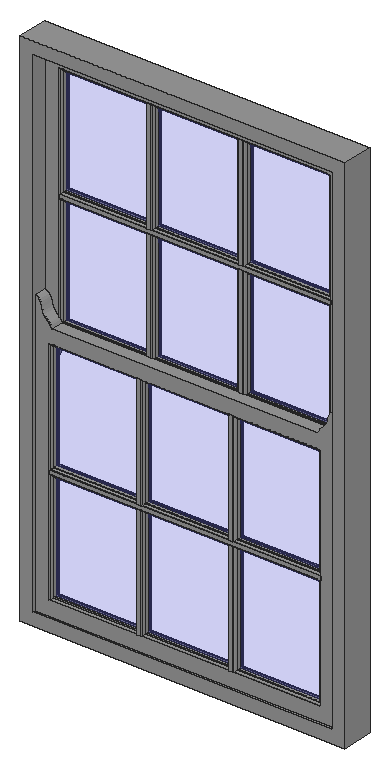
Revit family "HMS4SP", category Windows, host Wall, Revit 2015
Parameters (values of type "HMS4SP")
  Height = 1775 mm
  Default Lintel Height = 2100 mm
  Wall Closure = By host
  Width = 1100 mm
Reference planes
  plane 1 "Center (Front/Back)": y = 0
  plane 2 "Center (Left/Right)": x = 0
  plane 3 "Left": x = -550
  plane 4 "Right": x = 550
  plane 5 "Sill": z = 325
  plane 6 "Head": z = 2100
  plane 7 "Exterior": y = 100
  plane 8 "Interior": y = -100
  plane 9: y = -28.5
  plane 10: y = 23.5
  plane 11: z = 1212.5
  plane 12: z = 1241
  plane 13: z = 1184
Forms (mm)
  Sweep 1, solid, material "Lauan, Meranti"
    path origin (-10500, 23.5, 2100) x (0, 0, -1) y (-1, 0, 0)
      loop
        line (0, -11050) -> (1775, -11050) -> (1775, -9950) -> (0, -9950) -> (0, -11050)
    profile origin (0, 23.5, 2100) x (0, 0, 1) y (0, 1, 0)
      loop
        line (0, 29) -> (-42, 29) -> (-42, -76) -> (0, -76) -> (0, 29)
  Extrusion 2, solid, material "Lauan, Meranti"
    sketch origin (-10500, 0, 1675) x (0, 0, -1) y (-1, 0, 0)
      loop
        line (491, -10951) -> (491, -11008) -> (576, -11008)
        spline (576, -11008) -> (568.022, -10995.331) -> (558.494, -10988.581) -> (548.752, -10985.386) -> (540.116, -10983.399) -> (533.202, -10981.197) -> (527.644, -10978.636) -> (523.005, -10975.669) -> (518.783, -10972.149) -> (514.297, -10967.644) -> (508.83, -10961.691) -> (501.472, -10955.147) -> (491, -10951)
      loop
        spline (491, -10049) -> (501.472, -10044.853) -> (508.83, -10038.309) -> (514.297, -10032.356) -> (518.783, -10027.851) -> (523.005, -10024.331) -> (527.644, -10021.364) -> (533.202, -10018.803) -> (540.116, -10016.601) -> (548.752, -10014.614) -> (558.494, -10011.419) -> (568.022, -10004.669) -> (576, -9992)
        line (576, -9992) -> (491, -9992) -> (491, -10049)
    from 0 to 42
  Extrusion 3, solid, material "Lauan, Meranti"
    sketch origin (-10500, -42, 750) x (0, 0, 1) y (1, 0, 0)
      loop
        spline (491, 10951) -> (501.472, 10955.147) -> (508.83, 10961.691) -> (514.297, 10967.644) -> (518.783, 10972.149) -> (523.005, 10975.669) -> (527.644, 10978.636) -> (533.202, 10981.197) -> (540.116, 10983.399) -> (548.752, 10985.386) -> (558.494, 10988.581) -> (568.022, 10995.331) -> (576, 11008)
        line (576, 11008) -> (491, 11008) -> (491, 10951)
      loop
        line (491, 10049) -> (491, 9992) -> (576, 9992)
        spline (576, 9992) -> (568.022, 10004.669) -> (558.494, 10011.419) -> (548.752, 10014.614) -> (540.116, 10016.601) -> (533.202, 10018.803) -> (527.644, 10021.364) -> (523.005, 10024.331) -> (518.783, 10027.851) -> (514.297, 10032.356) -> (508.83, 10038.309) -> (501.472, 10044.853) -> (491, 10049)
    from 0 to 42
  Sweep 4, solid, material "Lauan, Meranti"
    path origin (-10670.807, 23.5, 1358.046) x (0, 0, -1) y (-1, 0, 0)
      loop
        line (117.046, -11178.807) -> (991.046, -11178.807) -> (991.046, -10162.807) -> (117.046, -10162.807) -> (117.046, -11178.807)
    profile origin (0, 23.5, 1241) x (0, 0, 1) y (0, 1, 0)
      loop
        line (0, -65.5) -> (0, -23.5) -> (-48, -23.5) -> (-48, -48.5) -> (-57, -48.5) -> (-57, -56.499) -> (-53.996, -56.499)
        arc (-53.996, -56.499) -> (-52.238, -60.744) -> (-47.994, -62.502) r 6.002
        line (-47.994, -62.502) -> (-47.994, -65.5) -> (0, -65.5)
  Sweep 5, solid, material "Lauan, Meranti"
    path origin (-10671.629, 23.5, 1894.103) x (0, 0, -1) y (-1, 0, 0)
      loop
        line (-163.897, -11179.629) -> (710.103, -11179.629) -> (710.103, -10163.629) -> (-163.897, -10163.629) -> (-163.897, -11179.629)
    profile origin (0, 23.5, 2058) x (0, 0, 1) y (0, 1, 0)
      loop
        line (-48, 18.5) -> (-48, -6.5) -> (-57, -6.5) -> (-57, -14.499) -> (-53.996, -14.499)
        arc (-53.996, -14.499) -> (-52.238, -18.744) -> (-47.994, -20.502) r 6.002
        line (-47.994, -20.502) -> (-47.994, -23.5) -> (0, -23.5) -> (0, 18.5) -> (-48, 18.5)
  Extrusion 6, solid, material "Lauan, Meranti"
    sketch origin (150, 18.5, 59.213) x (1, 0, 0) y (0, 1, 0)
      loop
        line (-1, 23.5) -> (-1, -1.5) -> (-10, -1.5) -> (-10, -9.5) -> (-7, -9.5)
        arc (-7, -9.5) -> (-5.243, -13.743) -> (-1, -15.5) r 6
        line (-1, -15.5) -> (-1, -18.5) -> (12, -18.5) -> (12, -15.5)
        arc (12, -15.5) -> (16.243, -13.743) -> (18, -9.5) r 6
        line (18, -9.5) -> (21, -9.5) -> (21, -1.5) -> (12, -1.5) -> (12, 23.5) -> (-1, 23.5)
      loop
        line (-312, 23.5) -> (-312, -1.5) -> (-321, -1.5) -> (-321, -9.5) -> (-318, -9.5)
        arc (-318, -9.5) -> (-316.243, -13.743) -> (-312, -15.5) r 6
        line (-312, -15.5) -> (-312, -18.5) -> (-299, -18.5) -> (-299, -15.5)
        arc (-299, -15.5) -> (-294.757, -13.743) -> (-293, -9.5) r 6
        line (-293, -9.5) -> (-290, -9.5) -> (-290, -1.5) -> (-299, -1.5) -> (-299, 23.5) -> (-312, 23.5)
    from 1568.287 to 1950.787
  Extrusion 7, solid, material "Glass"
    sketch origin (-10350, 17, 1962.5) x (0, 0, -1) y (-1, 0, 0)
      loop
        line (-47.5, -10810) -> (335, -10810) -> (335, -10512) -> (-47.5, -10512) -> (-47.5, -10810)
      loop
        line (-47.5, -10499) -> (335, -10499) -> (335, -10201) -> (-47.5, -10201) -> (-47.5, -10499)
      loop
        line (-47.5, -10188) -> (335, -10188) -> (335, -9890) -> (-47.5, -9890) -> (-47.5, -10188)
      loop
        line (348, -10810) -> (730.5, -10810) -> (730.5, -10512) -> (348, -10512) -> (348, -10810)
      loop
        line (348, -10499) -> (730.5, -10499) -> (730.5, -10201) -> (348, -10201) -> (348, -10499)
      loop
        line (348, -10188) -> (730.5, -10188) -> (730.5, -9890) -> (348, -9890) -> (348, -10188)
    from 0 to 6.4
  Sweep 8, solid, material "Lauan, Meranti"
    path origin (176.75, 100, -280.151) x (1, 0, 0) y (0, 0, 1)
      loop
        line (283.25, 2290.151) -> (-14.75, 2290.151) -> (-14.75, 1907.651) -> (283.25, 1907.651) -> (283.25, 2290.151)
    profile origin (311, 100, 2010) x (0, 0, -1) y (0, -1, 0)
      loop
        arc (0, 68.6) -> (4.67, 70.234) -> (7, 74.6) r 6.807
        line (7, 74.6) -> (9, 74.6) -> (9, 76.6) -> (0, 76.6) -> (0, 68.6)
  Extrusion 9, solid, material "Lauan, Meranti"
    sketch origin (1645.5, 18.5, 1621) x (0, 0, 1) y (0, 1, 0)
      loop
        line (-6.5, 23.5) -> (-6.5, -1.5) -> (-15.5, -1.5) -> (-15.5, -9.5) -> (-12.5, -9.5)
        arc (-12.5, -9.5) -> (-10.743, -13.743) -> (-6.5, -15.5) r 6
        line (-6.5, -15.5) -> (-6.5, -18.5) -> (6.5, -18.5) -> (6.5, -15.5)
        arc (6.5, -15.5) -> (10.743, -13.743) -> (12.5, -9.5) r 6
        line (12.5, -9.5) -> (15.5, -9.5) -> (15.5, -1.5) -> (6.5, -1.5) -> (6.5, 23.5) -> (-6.5, 23.5)
    from 1185.5 to 2105.5
  Extrusion 10, solid, material "Lauan, Meranti"
    sketch origin (150, 18.5, -285.787) x (1, 0, 0) y (0, 1, 0)
      loop
        line (-1, 23.5) -> (-1, -1.5) -> (-10, -1.5) -> (-10, -9.5) -> (-7, -9.5)
        arc (-7, -9.5) -> (-5.243, -13.743) -> (-1, -15.5) r 6
        line (-1, -15.5) -> (-1, -18.5) -> (12, -18.5) -> (12, -15.5)
        arc (12, -15.5) -> (16.243, -13.743) -> (18, -9.5) r 6
        line (18, -9.5) -> (21, -9.5) -> (21, -1.5) -> (12, -1.5) -> (12, 23.5) -> (-1, 23.5)
      loop
        line (-312, 23.5) -> (-312, -1.5) -> (-321, -1.5) -> (-321, -9.5) -> (-318, -9.5)
        arc (-318, -9.5) -> (-316.243, -13.743) -> (-312, -15.5) r 6
        line (-312, -15.5) -> (-312, -18.5) -> (-299, -18.5) -> (-299, -15.5)
        arc (-299, -15.5) -> (-294.757, -13.743) -> (-293, -9.5) r 6
        line (-293, -9.5) -> (-290, -9.5) -> (-290, -1.5) -> (-299, -1.5) -> (-299, 23.5) -> (-312, 23.5)
    from 1517.787 to 1900.287
  Sweep 11, solid, material "Lauan, Meranti"
    path origin (-134.25, 100, -280.151) x (1, 0, 0) y (0, 0, 1)
      loop
        line (283.25, 2290.151) -> (-14.75, 2290.151) -> (-14.75, 1907.651) -> (283.25, 1907.651) -> (283.25, 2290.151)
    profile origin (0, 100, 2010) x (0, 0, -1) y (0, -1, 0)
      loop
        arc (0, 68.6) -> (4.67, 70.234) -> (7, 74.6) r 6.807
        line (7, 74.6) -> (9, 74.6) -> (9, 76.6) -> (0, 76.6) -> (0, 68.6)
  Sweep 12, solid, material "Lauan, Meranti"
    path origin (-445.25, 100, -280.151) x (1, 0, 0) y (0, 0, 1)
      loop
        line (283.25, 2290.151) -> (-14.75, 2290.151) -> (-14.75, 1907.651) -> (283.25, 1907.651) -> (283.25, 2290.151)
    profile origin (-311, 100, 2010) x (0, 0, -1) y (0, -1, 0)
      loop
        arc (0, 68.6) -> (4.67, 70.234) -> (7, 74.6) r 6.807
        line (7, 74.6) -> (9, 74.6) -> (9, 76.6) -> (0, 76.6) -> (0, 68.6)
  Sweep 13, solid, material "Lauan, Meranti"
    path origin (176.75, 100, -625.651) x (1, 0, 0) y (0, 0, 1)
      loop
        line (283.25, 2240.151) -> (-14.75, 2240.151) -> (-14.75, 1857.651) -> (283.25, 1857.651) -> (283.25, 2240.151)
    profile origin (311, 100, 1614.5) x (0, 0, -1) y (0, -1, 0)
      loop
        arc (0, 68.6) -> (4.67, 70.234) -> (7, 74.6) r 6.807
        line (7, 74.6) -> (9, 74.6) -> (9, 76.6) -> (0, 76.6) -> (0, 68.6)
  Sweep 14, solid, material "Lauan, Meranti"
    path origin (-134.25, 100, -625.651) x (1, 0, 0) y (0, 0, 1)
      loop
        line (283.25, 2240.151) -> (-14.75, 2240.151) -> (-14.75, 1857.651) -> (283.25, 1857.651) -> (283.25, 2240.151)
    profile origin (0, 100, 1614.5) x (0, 0, -1) y (0, -1, 0)
      loop
        arc (0, 68.6) -> (4.67, 70.234) -> (7, 74.6) r 6.807
        line (7, 74.6) -> (9, 74.6) -> (9, 76.6) -> (0, 76.6) -> (0, 68.6)
  Sweep 15, solid, material "Lauan, Meranti"
    path origin (-445.25, 100, -625.651) x (1, 0, 0) y (0, 0, 1)
      loop
        line (283.25, 2240.151) -> (-14.75, 2240.151) -> (-14.75, 1857.651) -> (283.25, 1857.651) -> (283.25, 2240.151)
    profile origin (-311, 100, 1614.5) x (0, 0, -1) y (0, -1, 0)
      loop
        arc (0, 68.6) -> (4.67, 70.234) -> (7, 74.6) r 6.807
        line (7, 74.6) -> (9, 74.6) -> (9, 76.6) -> (0, 76.6) -> (0, 68.6)
  Extrusion 16, solid, material "Lauan, Meranti"
    sketch origin (150, -23.5, -757.787) x (1, 0, 0) y (0, 1, 0)
      loop
        line (-1, 23.5) -> (-1, -1.5) -> (-10, -1.5) -> (-10, -9.5) -> (-7, -9.5)
        arc (-7, -9.5) -> (-5.243, -13.743) -> (-1, -15.5) r 6
        line (-1, -15.5) -> (-1, -18.5) -> (12, -18.5) -> (12, -15.5)
        arc (12, -15.5) -> (16.243, -13.743) -> (18, -9.5) r 6
        line (18, -9.5) -> (21, -9.5) -> (21, -1.5) -> (12, -1.5) -> (12, 23.5) -> (-1, 23.5)
      loop
        line (-312, 23.5) -> (-312, -1.5) -> (-321, -1.5) -> (-321, -9.5) -> (-318, -9.5)
        arc (-318, -9.5) -> (-316.243, -13.743) -> (-312, -15.5) r 6
        line (-312, -15.5) -> (-312, -18.5) -> (-299, -18.5) -> (-299, -15.5)
        arc (-299, -15.5) -> (-294.757, -13.743) -> (-293, -9.5) r 6
        line (-293, -9.5) -> (-290, -9.5) -> (-290, -1.5) -> (-299, -1.5) -> (-299, 23.5) -> (-312, 23.5)
    from 1568.287 to 1950.787
  Extrusion 17, solid, material "Glass"
    sketch origin (-10350, -25, 1145.5) x (0, 0, -1) y (-1, 0, 0)
      loop
        line (-47.5, -10810) -> (335, -10810) -> (335, -10512) -> (-47.5, -10512) -> (-47.5, -10810)
      loop
        line (-47.5, -10499) -> (335, -10499) -> (335, -10201) -> (-47.5, -10201) -> (-47.5, -10499)
      loop
        line (-47.5, -10188) -> (335, -10188) -> (335, -9890) -> (-47.5, -9890) -> (-47.5, -10188)
      loop
        line (348, -10810) -> (730.5, -10810) -> (730.5, -10512) -> (348, -10512) -> (348, -10810)
      loop
        line (348, -10499) -> (730.5, -10499) -> (730.5, -10201) -> (348, -10201) -> (348, -10499)
      loop
        line (348, -10188) -> (730.5, -10188) -> (730.5, -9890) -> (348, -9890) -> (348, -10188)
    from 0 to 6.4
  Sweep 18, solid, material "Lauan, Meranti"
    path origin (176.75, 58, -1097.151) x (1, 0, 0) y (0, 0, 1)
      loop
        line (283.25, 2290.151) -> (-14.75, 2290.151) -> (-14.75, 1907.651) -> (283.25, 1907.651) -> (283.25, 2290.151)
    profile origin (311, 58, 1193) x (0, 0, -1) y (0, -1, 0)
      loop
        arc (0, 68.6) -> (4.67, 70.234) -> (7, 74.6) r 6.807
        line (7, 74.6) -> (9, 74.6) -> (9, 76.6) -> (0, 76.6) -> (0, 68.6)
  Extrusion 19, solid, material "Lauan, Meranti"
    sketch origin (1645.5, -23.5, 804) x (0, 0, 1) y (0, 1, 0)
      loop
        line (-6.5, 23.5) -> (-6.5, -1.5) -> (-15.5, -1.5) -> (-15.5, -9.5) -> (-12.5, -9.5)
        arc (-12.5, -9.5) -> (-10.743, -13.743) -> (-6.5, -15.5) r 6
        line (-6.5, -15.5) -> (-6.5, -18.5) -> (6.5, -18.5) -> (6.5, -15.5)
        arc (6.5, -15.5) -> (10.743, -13.743) -> (12.5, -9.5) r 6
        line (12.5, -9.5) -> (15.5, -9.5) -> (15.5, -1.5) -> (6.5, -1.5) -> (6.5, 23.5) -> (-6.5, 23.5)
    from 1185.5 to 2105.5
  Extrusion 20, solid, material "Lauan, Meranti"
    sketch origin (150, -23.5, -1102.787) x (1, 0, 0) y (0, 1, 0)
      loop
        line (-1, 23.5) -> (-1, -1.5) -> (-10, -1.5) -> (-10, -9.5) -> (-7, -9.5)
        arc (-7, -9.5) -> (-5.243, -13.743) -> (-1, -15.5) r 6
        line (-1, -15.5) -> (-1, -18.5) -> (12, -18.5) -> (12, -15.5)
        arc (12, -15.5) -> (16.243, -13.743) -> (18, -9.5) r 6
        line (18, -9.5) -> (21, -9.5) -> (21, -1.5) -> (12, -1.5) -> (12, 23.5) -> (-1, 23.5)
      loop
        line (-312, 23.5) -> (-312, -1.5) -> (-321, -1.5) -> (-321, -9.5) -> (-318, -9.5)
        arc (-318, -9.5) -> (-316.243, -13.743) -> (-312, -15.5) r 6
        line (-312, -15.5) -> (-312, -18.5) -> (-299, -18.5) -> (-299, -15.5)
        arc (-299, -15.5) -> (-294.757, -13.743) -> (-293, -9.5) r 6
        line (-293, -9.5) -> (-290, -9.5) -> (-290, -1.5) -> (-299, -1.5) -> (-299, 23.5) -> (-312, 23.5)
    from 1517.787 to 1900.287
  Sweep 21, solid, material "Lauan, Meranti"
    path origin (-134.25, 58, -1097.151) x (1, 0, 0) y (0, 0, 1)
      loop
        line (283.25, 2290.151) -> (-14.75, 2290.151) -> (-14.75, 1907.651) -> (283.25, 1907.651) -> (283.25, 2290.151)
    profile origin (0, 58, 1193) x (0, 0, -1) y (0, -1, 0)
      loop
        arc (0, 68.6) -> (4.67, 70.234) -> (7, 74.6) r 6.807
        line (7, 74.6) -> (9, 74.6) -> (9, 76.6) -> (0, 76.6) -> (0, 68.6)
  Sweep 22, solid, material "Lauan, Meranti"
    path origin (-445.25, 58, -1097.151) x (1, 0, 0) y (0, 0, 1)
      loop
        line (283.25, 2290.151) -> (-14.75, 2290.151) -> (-14.75, 1907.651) -> (283.25, 1907.651) -> (283.25, 2290.151)
    profile origin (-311, 58, 1193) x (0, 0, -1) y (0, -1, 0)
      loop
        arc (0, 68.6) -> (4.67, 70.234) -> (7, 74.6) r 6.807
        line (7, 74.6) -> (9, 74.6) -> (9, 76.6) -> (0, 76.6) -> (0, 68.6)
  Sweep 23, solid, material "Lauan, Meranti"
    path origin (176.75, 58, -1442.651) x (1, 0, 0) y (0, 0, 1)
      loop
        line (283.25, 2240.151) -> (-14.75, 2240.151) -> (-14.75, 1857.651) -> (283.25, 1857.651) -> (283.25, 2240.151)
    profile origin (311, 58, 797.5) x (0, 0, -1) y (0, -1, 0)
      loop
        arc (0, 68.6) -> (4.67, 70.234) -> (7, 74.6) r 6.807
        line (7, 74.6) -> (9, 74.6) -> (9, 76.6) -> (0, 76.6) -> (0, 68.6)
  Sweep 24, solid, material "Lauan, Meranti"
    path origin (-134.25, 58, -1442.651) x (1, 0, 0) y (0, 0, 1)
      loop
        line (283.25, 2240.151) -> (-14.75, 2240.151) -> (-14.75, 1857.651) -> (283.25, 1857.651) -> (283.25, 2240.151)
    profile origin (0, 58, 797.5) x (0, 0, -1) y (0, -1, 0)
      loop
        arc (0, 68.6) -> (4.67, 70.234) -> (7, 74.6) r 6.807
        line (7, 74.6) -> (9, 74.6) -> (9, 76.6) -> (0, 76.6) -> (0, 68.6)
  Sweep 25, solid, material "Lauan, Meranti"
    path origin (-445.25, 58, -1442.651) x (1, 0, 0) y (0, 0, 1)
      loop
        line (283.25, 2240.151) -> (-14.75, 2240.151) -> (-14.75, 1857.651) -> (283.25, 1857.651) -> (283.25, 2240.151)
    profile origin (-311, 58, 797.5) x (0, 0, -1) y (0, -1, 0)
      loop
        arc (0, 68.6) -> (4.67, 70.234) -> (7, 74.6) r 6.807
        line (7, 74.6) -> (9, 74.6) -> (9, 76.6) -> (0, 76.6) -> (0, 68.6)
Cuts and joins
  joined: Extrusion 3, Sweep 4
  joined: Extrusion 2, Sweep 5
Lines and regions (mm)
  Opening 1
    outline origin (3500, -100, 0) x (1, 0, 0) y (0, 0, 1)
      loop
        line (-2950, 325) -> (-2950, 2100) -> (-4050, 2100) -> (-4050, 325) -> (-2950, 325)
  model lines
    curve 1: line (508, 42, 2058) -> (0, 42, 1184)
    curve 2: line (-508, 42, 2058) -> (0, 42, 1184)
Text (mm)
  text "EXTERIOR" at (-1963.203, 1332.353, 0), in view "Ref. Level"
  text "INTERIOR" at (-1981.466, -818.386, 0), in view "Ref. Level"
  text "Exterior" at (0, 923.751, 2943.296), in view "Right"
  text "Exterior" at (0, 1040.484, 2685.409), in view "Left"
Dimensions and locks
  equal spacing: plane 3 "Left", plane 2 "Center (Left/Right)", plane 4 "Right"
  "Width": plane 3 "Left" to plane 4 "Right"
  "Height": plane 5 "Sill" to plane 6 "Head"
  "Default Lintel Height": plane 6 "Head" to level
  locked: plane 7 "Exterior" to host wall at 0
  locked: plane 8 "Interior" to host wall
  locked: plane 10 to plane 9 at 52
  plane 3 "Left" to plane 4 "Right" = 1100 mm
  aligned and locked: Sweep 1 sketch curve to host wall  (x4)
  aligned and locked: Sweep 4 sketch curve to plane 12
  aligned and locked: plane 13 to Sweep 5 sketch curve
  aligned and locked: Extrusion 7 sketch curve to Extrusion 6  (x4)
  aligned and locked: Extrusion 6 to Extrusion 7 sketch curve  (x2)
  aligned and locked: Extrusion 7 sketch curve to Extrusion 9  (x2)
  aligned and locked: Extrusion 7 sketch curve to Extrusion 7 sketch curve  (x4)
  aligned and locked: Sweep 8 sketch curve to Extrusion 6
  aligned and locked: Sweep 8 sketch curve to Extrusion 7
  aligned and locked: Sweep 11 sketch curve to Extrusion 7
  aligned and locked: Sweep 11 sketch curve to Extrusion 6  (x2)
  aligned and locked: Sweep 12 sketch curve to Extrusion 6
  aligned and locked: Sweep 12 sketch curve to Extrusion 7
  aligned and locked: Sweep 13 sketch curve to Extrusion 7  (x2)
  aligned and locked: Sweep 14 sketch curve to Extrusion 7  (x2)
  aligned and locked: Extrusion 7 to Sweep 14 sketch curve
  aligned and locked: Sweep 15 sketch curve to Extrusion 7
  aligned and locked: Extrusion 7 to Sweep 15 sketch curve
  aligned and locked: Extrusion 17 sketch curve to Extrusion 16  (x4)
  aligned and locked: Extrusion 16 to Extrusion 17 sketch curve  (x2)
  aligned and locked: Extrusion 17 sketch curve to Extrusion 19  (x2)
  aligned and locked: Extrusion 17 sketch curve to Extrusion 17 sketch curve  (x4)
  aligned and locked: Sweep 18 sketch curve to Extrusion 16
  aligned and locked: Sweep 18 sketch curve to Extrusion 17
  aligned and locked: Sweep 21 sketch curve to Extrusion 17
  aligned and locked: Sweep 21 sketch curve to Extrusion 16  (x2)
  aligned and locked: Sweep 22 sketch curve to Extrusion 16
  aligned and locked: Sweep 22 sketch curve to Extrusion 17
  aligned and locked: Sweep 23 sketch curve to Extrusion 17  (x2)
  aligned and locked: Sweep 24 sketch curve to Extrusion 17  (x2)
  aligned and locked: Extrusion 17 to Sweep 24 sketch curve
  aligned and locked: Sweep 25 sketch curve to Extrusion 17
  aligned and locked: Extrusion 17 to Sweep 25 sketch curve
Automatic sketch dimensions
  plane 3 "Left" to Opening 1 sketch curve = 0 mm
  plane 4 "Right" to Opening 1 sketch curve = 0 mm
  Opening 1 sketch curve to plane 5 "Sill" = 0 mm
  Opening 1 sketch curve to plane 6 "Head" = 0 mm
  profile plane to Sweep 1 sketch curve = 0 mm
  profile plane to Sweep 1 sketch curve = 42 mm
  Sweep 1 sketch curve to plane 10 = 76 mm
  plane 10 to Sweep 1 sketch curve = 29 mm
  plane 2 "Center (Left/Right)" to curve 1 = 0 mm
  curve 2 to plane 13 = 0 mm
  curve 2 to plane 3 "Left" = 42 mm
  plane 4 "Right" to curve 1 = 42 mm
  plane 6 "Head" to curve 2 = 42 mm
  plane 6 "Head" to curve 1 = 42 mm
  Extrusion 2 sketch curve to plane 13 = 0 mm  (x2)
  Extrusion 2 sketch curve to plane 3 "Left" = 42 mm
  Extrusion 2 sketch curve to plane 13 = 85 mm  (x2)
  plane 4 "Right" to Extrusion 2 sketch curve = 42 mm
  Extrusion 2 sketch curve to Extrusion 2 sketch curve = 57 mm  (x2)
  Extrusion 3 sketch curve to plane 12 = 0 mm  (x2)
  Extrusion 3 sketch curve to plane 3 "Left" = 42 mm
  plane 12 to Extrusion 3 sketch curve = 85 mm  (x2)
  plane 4 "Right" to Extrusion 3 sketch curve = 42 mm
  Extrusion 3 sketch curve to Extrusion 3 sketch curve = 57 mm  (x2)
  Sweep 4 sketch curve to plane 5 "Sill" = 42 mm
  plane 4 "Right" to Sweep 4 sketch curve = 42 mm
  Sweep 4 sketch curve to plane 3 "Left" = 42 mm
  profile plane to Sweep 4 sketch curve = 0 mm
  Sweep 4 sketch curve to Sweep 4 sketch curve = 47.994 mm
  Sweep 4 sketch curve to Sweep 4 sketch curve = 0.006 mm
  Sweep 4 sketch curve to Sweep 4 sketch curve = 6.002 mm
  Sweep 4 sketch curve to Sweep 4 sketch curve = 3.004 mm
  Sweep 4 sketch curve to profile plane = 65.5 mm
  Sweep 4 sketch curve to Sweep 4 sketch curve = 2.998 mm
  Sweep 4 sketch curve to Sweep 4 sketch curve = 7.999 mm
  Sweep 4 sketch curve to profile plane = 23.5 mm
  plane 6 "Head" to Sweep 5 sketch curve = 42 mm
  plane 4 "Right" to Sweep 5 sketch curve = 42 mm
  Sweep 5 sketch curve to plane 3 "Left" = 42 mm
  profile plane to Sweep 5 sketch curve = 0 mm
  Sweep 5 sketch curve to profile plane = 23.5 mm
  profile plane to Sweep 5 sketch curve = 47.994 mm
  Sweep 5 sketch curve to Sweep 5 sketch curve = 0.006 mm
  Sweep 5 sketch curve to Sweep 5 sketch curve = 6.002 mm
  Sweep 5 sketch curve to Sweep 5 sketch curve = 3.004 mm
  Sweep 5 sketch curve to Sweep 5 sketch curve = 2.998 mm
  Sweep 5 sketch curve to profile plane = 6.5 mm
  profile plane to Sweep 5 sketch curve = 18.5 mm
  host wall to Extrusion 6 sketch curve = 0 mm  (x2)
  Extrusion 6 sketch curve to plane 10 = 6.5 mm  (x4)
  plane 2 "Center (Left/Right)" to Extrusion 6 sketch curve = 171 mm
  Extrusion 6 sketch curve to Extrusion 6 sketch curve = 3 mm  (x4)
  Extrusion 6 sketch curve to Extrusion 6 sketch curve = 9 mm  (x2)
  Extrusion 6 sketch curve to host wall = 3 mm  (x3)
  Extrusion 6 sketch curve to Extrusion 6 sketch curve = 6 mm  (x4)
  Extrusion 6 sketch curve to Extrusion 6 sketch curve = 13 mm  (x4)
  Extrusion 6 sketch curve to host wall = 9 mm
  Extrusion 6 sketch curve to plane 2 "Center (Left/Right)" = 140 mm
  plane 10 to Extrusion 6 sketch curve = 18.5 mm  (x2)
  plane 6 "Head" to Extrusion 7 sketch curve = 90 mm  (x2)
  Extrusion 7 sketch curve to Extrusion 7 sketch curve = 0 mm  (x3)
  Extrusion 7 sketch curve to Extrusion 7 sketch curve = 13 mm  (x2)
  Extrusion 7 sketch curve to plane 12 = 9 mm  (x3)
  plane 4 "Right" to Extrusion 7 sketch curve = 90 mm
  Extrusion 7 sketch curve to plane 3 "Left" = 90 mm
  plane 4 "Right" to Sweep 8 sketch curve = 90 mm
  plane 6 "Head" to Sweep 8 sketch curve = 90 mm
  Sweep 8 sketch curve to profile plane = 0 mm
  Sweep 8 sketch curve to profile plane = 0.241 mm
  Sweep 8 sketch curve to Sweep 8 sketch curve = 6.759 mm
  Sweep 8 sketch curve to Sweep 8 sketch curve = 2 mm  (x2)
  profile plane to Sweep 8 sketch curve = 68.6 mm
  Sweep 8 sketch curve to Sweep 8 sketch curve = 6 mm
  Extrusion 9 sketch curve to host wall = 0 mm
  Extrusion 9 sketch curve to host wall = 9 mm
  plane 12 to Extrusion 9 sketch curve = 364.5 mm
  Extrusion 9 sketch curve to Extrusion 9 sketch curve = 3 mm  (x3)
  Extrusion 9 sketch curve to Extrusion 9 sketch curve = 9 mm
  Extrusion 9 sketch curve to host wall = 3 mm
  Extrusion 9 sketch curve to Extrusion 9 sketch curve = 13 mm  (x2)
  Extrusion 9 sketch curve to Extrusion 9 sketch curve = 6 mm
  Extrusion 9 sketch curve to plane 10 = 6.5 mm  (x2)
  plane 10 to Extrusion 9 sketch curve = 18.5 mm
  host wall to Extrusion 10 sketch curve = 0 mm  (x2)
  Extrusion 10 sketch curve to plane 10 = 6.5 mm  (x4)
  plane 2 "Center (Left/Right)" to Extrusion 10 sketch curve = 171 mm
  Extrusion 10 sketch curve to Extrusion 10 sketch curve = 3 mm  (x4)
  Extrusion 10 sketch curve to Extrusion 10 sketch curve = 9 mm  (x2)
  Extrusion 10 sketch curve to host wall = 3 mm  (x3)
  Extrusion 10 sketch curve to Extrusion 10 sketch curve = 6 mm  (x4)
  Extrusion 10 sketch curve to Extrusion 10 sketch curve = 13 mm  (x4)
  Extrusion 10 sketch curve to host wall = 9 mm
  Extrusion 10 sketch curve to plane 2 "Center (Left/Right)" = 140 mm
  plane 10 to Extrusion 10 sketch curve = 18.5 mm  (x2)
  plane 6 "Head" to Sweep 11 sketch curve = 90 mm
  Sweep 11 sketch curve to profile plane = 0 mm
  Sweep 11 sketch curve to profile plane = 0.241 mm
  Sweep 11 sketch curve to Sweep 11 sketch curve = 6.759 mm
  Sweep 11 sketch curve to Sweep 11 sketch curve = 2 mm  (x2)
  profile plane to Sweep 11 sketch curve = 68.6 mm
  Sweep 11 sketch curve to Sweep 11 sketch curve = 6 mm
  Sweep 12 sketch curve to plane 3 "Left" = 90 mm
  plane 6 "Head" to Sweep 12 sketch curve = 90 mm
  Sweep 12 sketch curve to profile plane = 0 mm
  Sweep 12 sketch curve to profile plane = 0.241 mm
  Sweep 12 sketch curve to Sweep 12 sketch curve = 6.759 mm
  Sweep 12 sketch curve to Sweep 12 sketch curve = 2 mm  (x2)
  profile plane to Sweep 12 sketch curve = 68.6 mm
  Sweep 12 sketch curve to Sweep 12 sketch curve = 6 mm
  Sweep 13 sketch curve to plane 12 = 9 mm
  plane 4 "Right" to Sweep 13 sketch curve = 90 mm
  Sweep 13 sketch curve to profile plane = 0 mm
  Sweep 13 sketch curve to profile plane = 0.241 mm
  Sweep 13 sketch curve to Sweep 13 sketch curve = 6.759 mm
  Sweep 13 sketch curve to Sweep 13 sketch curve = 2 mm  (x2)
  profile plane to Sweep 13 sketch curve = 68.6 mm
  Sweep 13 sketch curve to Sweep 13 sketch curve = 6 mm
  Sweep 14 sketch curve to plane 12 = 9 mm
  Sweep 14 sketch curve to profile plane = 0 mm
  Sweep 14 sketch curve to profile plane = 0.241 mm
  Sweep 14 sketch curve to Sweep 14 sketch curve = 6.759 mm
  Sweep 14 sketch curve to Sweep 14 sketch curve = 2 mm  (x2)
  profile plane to Sweep 14 sketch curve = 68.6 mm
  Sweep 14 sketch curve to Sweep 14 sketch curve = 6 mm
  Sweep 15 sketch curve to plane 12 = 9 mm
  Sweep 15 sketch curve to plane 3 "Left" = 90 mm
  Sweep 15 sketch curve to profile plane = 0 mm
  Sweep 15 sketch curve to profile plane = 0.241 mm
  Sweep 15 sketch curve to Sweep 15 sketch curve = 6.759 mm
  Sweep 15 sketch curve to Sweep 15 sketch curve = 2 mm  (x2)
  profile plane to Sweep 15 sketch curve = 68.6 mm
  Sweep 15 sketch curve to Sweep 15 sketch curve = 6 mm
  host wall to Extrusion 16 sketch curve = 0 mm  (x2)
  plane 9 to Extrusion 16 sketch curve = 3.5 mm  (x4)
  plane 2 "Center (Left/Right)" to Extrusion 16 sketch curve = 171 mm
  Extrusion 16 sketch curve to Extrusion 16 sketch curve = 3 mm  (x8)
  Extrusion 16 sketch curve to Extrusion 16 sketch curve = 9 mm  (x2)
  Extrusion 16 sketch curve to Extrusion 16 sketch curve = 6 mm  (x4)
  Extrusion 16 sketch curve to Extrusion 16 sketch curve = 13 mm  (x4)
  Extrusion 16 sketch curve to plane 9 = 4.5 mm
  Extrusion 16 sketch curve to plane 2 "Center (Left/Right)" = 140 mm
  Extrusion 16 sketch curve to plane 9 = 10.5 mm
  plane 13 to Extrusion 17 sketch curve = 9 mm  (x3)
  Extrusion 17 sketch curve to Extrusion 17 sketch curve = 13 mm  (x2)
  Extrusion 17 sketch curve to plane 5 "Sill" = 90 mm
  Extrusion 17 sketch curve to Extrusion 17 sketch curve = 0 mm  (x4)
  plane 4 "Right" to Extrusion 17 sketch curve = 90 mm
  Extrusion 17 sketch curve to plane 3 "Left" = 90 mm
  plane 4 "Right" to Sweep 18 sketch curve = 90 mm
  plane 13 to Sweep 18 sketch curve = 9 mm
  Sweep 18 sketch curve to profile plane = 0 mm
  Sweep 18 sketch curve to profile plane = 0.241 mm
  Sweep 18 sketch curve to Sweep 18 sketch curve = 6.759 mm
  Sweep 18 sketch curve to Sweep 18 sketch curve = 2 mm  (x2)
  profile plane to Sweep 18 sketch curve = 68.6 mm
  Sweep 18 sketch curve to Sweep 18 sketch curve = 6 mm
  Extrusion 19 sketch curve to host wall = 0 mm
  Extrusion 19 sketch curve to plane 9 = 4.5 mm
  Extrusion 19 sketch curve to plane 13 = 395.5 mm
  Extrusion 19 sketch curve to Extrusion 19 sketch curve = 3 mm  (x3)
  plane 9 to Extrusion 19 sketch curve = 3.5 mm  (x2)
  Extrusion 19 sketch curve to Extrusion 19 sketch curve = 9 mm
  Extrusion 19 sketch curve to Extrusion 19 sketch curve = 6 mm  (x2)
  Extrusion 19 sketch curve to Extrusion 19 sketch curve = 13 mm  (x2)
  Extrusion 19 sketch curve to plane 9 = 10.5 mm
  host wall to Extrusion 20 sketch curve = 0 mm  (x2)
  plane 9 to Extrusion 20 sketch curve = 3.5 mm  (x4)
  plane 2 "Center (Left/Right)" to Extrusion 20 sketch curve = 171 mm
  Extrusion 20 sketch curve to Extrusion 20 sketch curve = 3 mm  (x8)
  Extrusion 20 sketch curve to Extrusion 20 sketch curve = 9 mm  (x2)
  Extrusion 20 sketch curve to Extrusion 20 sketch curve = 6 mm  (x4)
  Extrusion 20 sketch curve to Extrusion 20 sketch curve = 13 mm  (x4)
  Extrusion 20 sketch curve to plane 9 = 4.5 mm
  Extrusion 20 sketch curve to plane 2 "Center (Left/Right)" = 140 mm
  Extrusion 20 sketch curve to plane 9 = 10.5 mm
  plane 13 to Sweep 21 sketch curve = 9 mm
  Sweep 21 sketch curve to profile plane = 0 mm
  Sweep 21 sketch curve to profile plane = 0.241 mm
  Sweep 21 sketch curve to Sweep 21 sketch curve = 6.759 mm
  Sweep 21 sketch curve to Sweep 21 sketch curve = 2 mm  (x2)
  profile plane to Sweep 21 sketch curve = 68.6 mm
  Sweep 21 sketch curve to Sweep 21 sketch curve = 6 mm
  Sweep 22 sketch curve to plane 3 "Left" = 90 mm
  plane 13 to Sweep 22 sketch curve = 9 mm
  Sweep 22 sketch curve to profile plane = 0 mm
  Sweep 22 sketch curve to profile plane = 0.241 mm
  Sweep 22 sketch curve to Sweep 22 sketch curve = 6.759 mm
  Sweep 22 sketch curve to Sweep 22 sketch curve = 2 mm  (x2)
  profile plane to Sweep 22 sketch curve = 68.6 mm
  Sweep 22 sketch curve to Sweep 22 sketch curve = 6 mm
  plane 4 "Right" to Sweep 23 sketch curve = 90 mm
  Sweep 23 sketch curve to plane 5 "Sill" = 90 mm
  Sweep 23 sketch curve to profile plane = 0 mm
  Sweep 23 sketch curve to profile plane = 0.241 mm
  Sweep 23 sketch curve to Sweep 23 sketch curve = 6.759 mm
  Sweep 23 sketch curve to Sweep 23 sketch curve = 2 mm  (x2)
  profile plane to Sweep 23 sketch curve = 68.6 mm
  Sweep 23 sketch curve to Sweep 23 sketch curve = 6 mm
  Sweep 24 sketch curve to plane 5 "Sill" = 90 mm
  Sweep 24 sketch curve to profile plane = 0 mm
  Sweep 24 sketch curve to profile plane = 0.241 mm
  Sweep 24 sketch curve to Sweep 24 sketch curve = 6.759 mm
  Sweep 24 sketch curve to Sweep 24 sketch curve = 2 mm  (x2)
  profile plane to Sweep 24 sketch curve = 68.6 mm
  Sweep 24 sketch curve to Sweep 24 sketch curve = 6 mm
  Sweep 25 sketch curve to plane 3 "Left" = 90 mm
  Sweep 25 sketch curve to plane 5 "Sill" = 90 mm
  Sweep 25 sketch curve to profile plane = 0 mm
  Sweep 25 sketch curve to profile plane = 0.241 mm
  Sweep 25 sketch curve to Sweep 25 sketch curve = 6.759 mm
  Sweep 25 sketch curve to Sweep 25 sketch curve = 2 mm  (x2)
  profile plane to Sweep 25 sketch curve = 68.6 mm
  Sweep 25 sketch curve to Sweep 25 sketch curve = 6 mm
